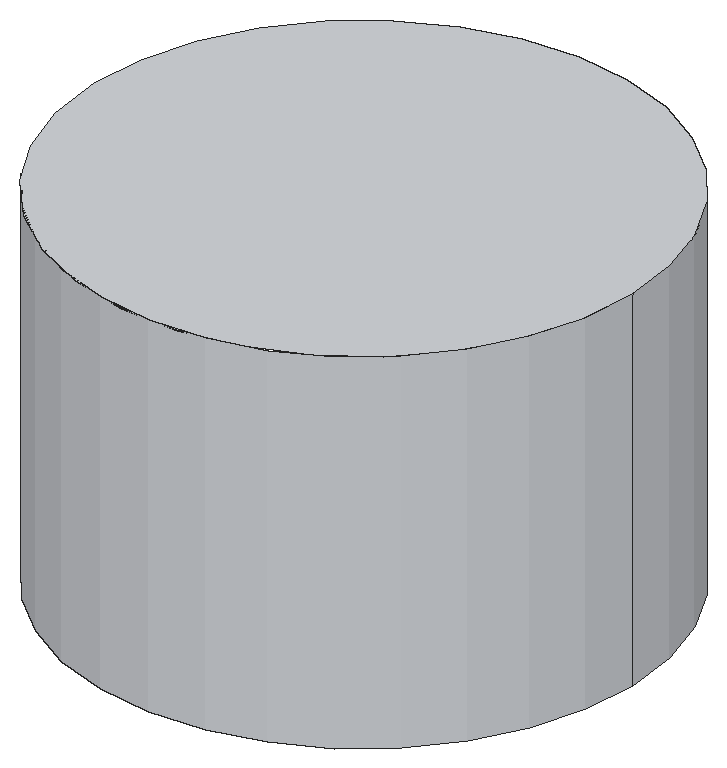
Revit family "Lab4_Test_Family", category Pipe Accessories, Revit 2016
Family settings
  Part Type = Normal
  Round Connector Dimension = Use Diameter
  Work Plane-Based = No
  Always vertical = Yes
  Cut with Voids When Loaded = No
  Shared = No
Parameters (values of type "SA_Connection Point_MEPcontent")
  y = 73
  x = 56
  StabiCAD_PM [instance] = ""
  Continuous Flow [instance] = 0.0 L/s
  Outer Diameter [instance] = 33.7 mm
  DIAMETER [instance] = 33.7 mm
  CWFU = 0
Reference planes
  plane 1 "Center (Front/Back)": y = 0
  plane 2: z = 0
  plane 3 "Center (Left/Right)": x = 0
Forms (mm)
  Extrusion 1, solid
    sketch origin (11.808, -23.86, 0) x (1, 0, 0) y (0, 1, 0)
      loop
        circle (-11.808, 23.86) r 16.85
    from 0 to 22
  Extrusion 2, solid
    sketch origin (0, -144.56, 0) x (1, 0, 0) y (0, 1, 0)
      loop
        circle (0, 144.56) r 7.5
    from 0 to 2.113
Dimensions and locks
  diameter of Extrusion 2 sketch curve = 15 mm
  "Outer Diameter": diameter of Extrusion 1 sketch curve
  aligned and locked: level to plane 2
  aligned and locked: plane 1 "Center (Front/Back)" to Extrusion 1 sketch curve
  aligned and locked: plane 3 "Center (Left/Right)" to Extrusion 1 sketch curve
  aligned and locked: plane 1 "Center (Front/Back)" to Extrusion 2 sketch curve
  aligned and locked: plane 3 "Center (Left/Right)" to Extrusion 2 sketch curve
Connectors
  piping at (0, 0, 0), diameter 33.7, driven by "Continuous Flow", driven by "DIAMETER", driven by "CWFU"
    settings: on Extrusion 2, index 1, connector inside diameter 609.6 mm, connector length 0 mm, flow factor 0, pipe flow 0.0 L/s, pressure drop 0.0 Pa, fitting loss kfactor 0, connector angle 0.00°, fixture units 0, engagement length 0 mm, angle of deflection 0.00°, flow configuration 3, flow direction 2, fitting loss method 0, system type 16, joint type 0, gender type 0, connector reference index -1, connector utility 0, adjustable connector no, is connector primary yes, connector description "Sanitary #1"
